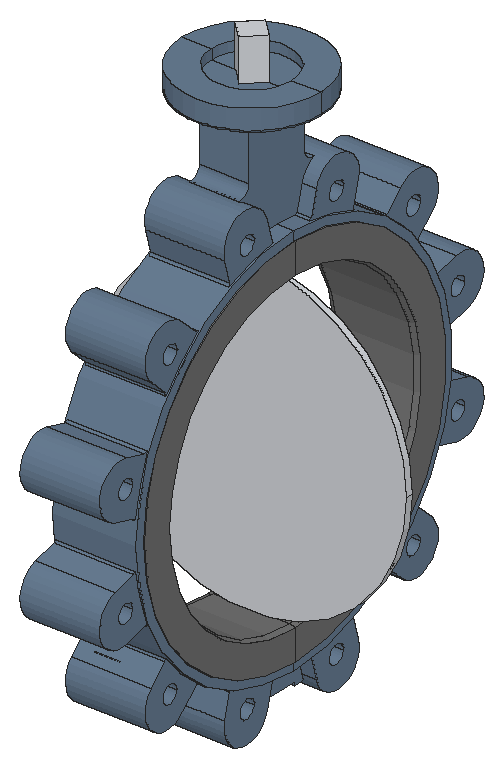
Revit family "Absperr- und Regulierklappe AF-4219", category Rohrzubehör, Revit 2018
Family settings
  Bemaßung runder Anschluss = Durchmesser verwenden
  Teiletyp = Unterbricht
  OmniClass-Nummer = 23.65.55.14
  OmniClass-Titel = Valves for Liquid Services
  Arbeitsebenenbasiert = Nein
  Immer vertikal = Ja
  Beim Laden mit Abzugskörper schneiden = Nein
  Gemeinsam genutzt = Nein
Parameters
  URL = "www.herz-armaturen.at"
  Spindel = "Edelstahl ASTM-A276 / Type 316"  # constant formula
  Schrauben [instance] = if(Nennweite = 50.000 mm, "4x M16x35", if(Nennweite = 65.000 mm, "4x M16x35", if(Nennweite = 80.000 mm, "8x M16x35", if(Nennweite = 100.000 mm, "8x M16x40", if(Nennweite = 125.000 mm, "8x M16x40", if(Nennweite = 150.000 mm, "8x M20x40", if(Nennweite = 200.000 mm, "12x M20x45", if(Nennweite = 250.000 mm, "12x M24x45", "12x M24x45"))))))))  # "12x M24x45"
  SCTWSEQ = "FW;SBT_TYP_FW=\"101\";2"
  SCTWCODE = "04;07;02"  # constant formula
  SCRNSEQ = "ARM;ARM_TYP=\"ALLF\";2"
  SCRNCODE = "05;13;02"  # constant formula
  R99 = 1.500 mm  # constant formula
  R02 [instance] = size_lookup("4219_AF_", "R2", 1.000 mm, Nennweite)  # 37.500 mm
  PN [instance] = size_lookup("4219_AF_", "PN", 16, Nennweite)  # 10
  O-Ring = "EPDM entsprechend ISO 1691"  # constant formula
  Min.Betriebstemperatur = "-20.00 °C bei entsprechender Wasser-Glycolmischung"  # constant formula
  Medium = "Ethylen- und Propyleneglykol kann in einem Mischungsverhältnis zwischen 25 - 50 vol. [%] verwendet werden."
  Max.Betriebstemperatur = 110 °C  # constant formula
  L05 [instance] = size_lookup("4219_AF_", "L5", 1.000 mm, Nennweite)  # 22.000 mm
  L04 [instance] = L01 - 3.500 mm  # 35.500 mm
  L03 [instance] = L01 + 1.500 mm  # 40.500 mm
  L02 [instance] = size_lookup("4219_AF_", "L2", 14.500 mm, Nennweite)  # 30.500 mm
  L01 [instance] = size_lookup("4219_AF_", "L1", 21.500 mm, Nennweite)  # 39.000 mm
  R01 [instance] = size_lookup("4219_AF_", "R1", 44.000 mm, Nennweite)  # 65.000 mm
  Nennweite [instance] = 300.000 mm
  Klappenscheibe = "Edelstahl 1.4408"  # constant formula
  Hersteller = "HERZ Armaturen Ges.m.b.H."  # constant formula
  Hebel DN50-150 = "Stahl, ST14.03"  # constant formula
  Hebel DN200-DN300 = "Stahl, S235 DIN2458/1626"  # constant formula
  H05 [instance] = size_lookup("4219_AF_", "H5", 1.000 mm, Nennweite) + H03  # 39.000 mm
  H04 [instance] = H01 - H03  # 299.000 mm
  H03 [instance] = size_lookup("4219_AF_", "H3", 1.000 mm, Nennweite)  # 9.000 mm
  H02 [instance] = size_lookup("4219_AF_", "H2", 13.000 mm, Nennweite)  # 20.000 mm
  H01 [instance] = size_lookup("4219_AF_", "H1", 125.000 mm, Nennweite)  # 308.000 mm
  Gewicht [instance] = size_lookup("4219_AF_", "Gewicht", 3.8, Nennweite)  # 37.6
  Gehäuseauskleidung = "EPDM entsprechend ISO 1691"  # constant formula
  Gehäuse = "GGG, GJS-400-15/JS1030, entsprechend EN1563"  # constant formula
  Drehmoment in NM [instance] = size_lookup("4219_AF_", "Nm", 20, Nennweite)  # 350
  DN80 [instance] = Nennweite = 80.000 mm  # no
  DN65 [instance] = Nennweite = 65.000 mm  # no
  DN50 [instance] = Nennweite = 50.000 mm  # no
  DN300 [instance] = Nennweite = 300.000 mm  # yes
  DN250 [instance] = Nennweite = 250.000 mm  # no
  DN200 [instance] = Nennweite = 200.000 mm  # no
  DN150 [instance] = Nennweite = 150.000 mm  # no
  DN125 [instance] = Nennweite = 125.000 mm  # no
  DN100 [instance] = Nennweite = 100.000 mm  # no
  D06 [instance] = size_lookup("4219_AF_", "D6", 25.300 mm, Nennweite)  # 146.500 mm
  D05 [instance] = size_lookup("4219_AF_", "D5", 24.500 mm, Nennweite)  # 145.000 mm
  D04 [instance] = D05 + 2.000 mm  # 147.000 mm
  D03 [instance] = size_lookup("4219_AF_", "D3", 35.500 mm, Nennweite)  # 167.500 mm
  D02 [instance] = size_lookup("4219_AF_", "D2", 41.000 mm, Nennweite)  # 175.000 mm
  D01 [instance] = size_lookup("4219_AF_", "D1", 47.000 mm, Nennweite)  # 183.000 mm
  Bestellnummer [instance] = size_lookup("4219_AF_", "Artnr", 421911, Nennweite)  # 1421939
  Anwendungsgebiet = "Geeignet für Flüssigkeiten in der Haustechnik, Kaltwasser, Heißwasser, etc."
  Anschlussflansch = "entsprechend EN1092-2"  # constant formula
Reference planes
  plane 1 "Mitte (Vorne/hinten)": y = 0
  plane 2: z = 0
  plane 3 "Mitte (Links/rechts)": x = 0
Forms (mm)
  Revolve 1, solid, material "Herz-Metall-blau", detail levels fine
    sketch origin (0, 0, 0) x (1, 0, 0) y (0, 0, 1)
      loop
        line (-30.5, 175) -> (-30.5, 167.5) -> (30.5, 167.5) -> (30.5, 175) -> (39, 175) -> (39, 183) -> (-39, 183) -> (-39, 175) -> (-30.5, 175)
      axis (-39, 0) -> (39, 0)
    angle from 0 to 360
  Revolve 2, solid, material "Herz-Metall-blau", detail levels fine
    sketch origin (0, 0, 0) x (1, 0, 0) y (0, 0, 1)
      loop
        line (-65, 308) -> (-65, 289.463)
        arc (-65, 289.463) -> (-64.673, 288.527) -> (-63.833, 288) r 1.5
        line (-63.833, 288) -> (0, 288) -> (0, 299) -> (-37.5, 299) -> (-37.5, 308) -> (-65, 308)
      axis (0, 308) -> (0, 288)
    angle from 0 to 360
  Extrusion 3, solid, material "Herz-Metall-blau", visible <- "DN50", detail levels fine
    sketch origin (0, 0, 0) x (0, 1, 0) y (0, 0, 1)
      loop
        line (56.215, -32.173) -> (43.95, -19.909)
        arc (43.95, -19.909) -> (43.387, -18.793) -> (43.596, -17.56) r 2
        arc (43.596, -17.56) -> (33.234, -33.234) -> (17.56, -43.596) r 47
        arc (17.56, -43.596) -> (18.793, -43.387) -> (19.909, -43.95) r 2
        line (19.909, -43.95) -> (32.173, -56.215)
        arc (32.173, -56.215) -> (56.215, -56.215) -> (56.215, -32.173) r 17
      loop
        arc (-56.215, -32.173) -> (-56.215, -56.215) -> (-32.173, -56.215) r 17
        line (-32.173, -56.215) -> (-19.909, -43.95)
        arc (-19.909, -43.95) -> (-18.793, -43.387) -> (-17.56, -43.596) r 2
        arc (-17.56, -43.596) -> (-33.234, -33.234) -> (-43.596, -17.56) r 47
        arc (-43.596, -17.56) -> (-43.387, -18.793) -> (-43.95, -19.909) r 2
        line (-43.95, -19.909) -> (-56.215, -32.173)
      loop
        arc (56.215, 32.173) -> (56.215, 56.215) -> (32.173, 56.215) r 17
        line (32.173, 56.215) -> (19.909, 43.95)
        arc (19.909, 43.95) -> (18.793, 43.387) -> (17.56, 43.596) r 2
        arc (17.56, 43.596) -> (33.234, 33.234) -> (43.596, 17.56) r 47
        arc (43.596, 17.56) -> (43.387, 18.793) -> (43.95, 19.909) r 2
        line (43.95, 19.909) -> (56.215, 32.173)
      loop
        line (-56.215, 32.173) -> (-43.95, 19.909)
        arc (-43.95, 19.909) -> (-43.387, 18.793) -> (-43.596, 17.56) r 2
        arc (-43.596, 17.56) -> (-33.234, 33.234) -> (-17.56, 43.596) r 47
        arc (-17.56, 43.596) -> (-18.793, 43.387) -> (-19.909, 43.95) r 2
        line (-19.909, 43.95) -> (-32.173, 56.215)
        arc (-32.173, 56.215) -> (-56.215, 56.215) -> (-56.215, 32.173) r 17
      loop
        circle (-44.194, 44.194) r 6.92
      loop
        circle (44.194, 44.194) r 6.92
      loop
        circle (44.194, -44.194) r 6.92
      loop
        circle (-44.194, -44.194) r 6.92
    from -19.5 to 19.5
  Extrusion 4, solid, material "Herz-Metall-blau", visible <- "DN50", detail levels fine
    sketch origin (0, 0, 0) x (0, 1, 0) y (0, 0, 1)
      loop
        line (20, 74.845) -> (20, 112) -> (-20, 112) -> (-20, 74.845)
        arc (-20, 74.845) -> (-26.046, 62.811) -> (-39.31, 60.477) r 15
        arc (-39.31, 60.477) -> (-35.477, 58.789) -> (-32.173, 56.215) r 17
        line (-32.173, 56.215) -> (-19.909, 43.95)
        arc (-19.909, 43.95) -> (-18.793, 43.387) -> (-17.56, 43.596) r 2
        arc (-17.56, 43.596) -> (0, 47) -> (17.56, 43.596) r 47
        arc (17.56, 43.596) -> (18.793, 43.387) -> (19.909, 43.95) r 2
        line (19.909, 43.95) -> (32.173, 56.215)
        arc (32.173, 56.215) -> (35.477, 58.789) -> (39.31, 60.477) r 17
        arc (39.31, 60.477) -> (26.046, 62.811) -> (20, 74.845) r 15
    from -15 to 15
  Extrusion 5, solid, material "Herz-Metall-blau", visible <- "DN50"
    sketch origin (0, 0, 0) x (0, 1, 0) y (0, 0, 1)
      loop
        arc (33.834, -58) -> (34.246, -58.062) -> (34.622, -58.243) r 1.4
        arc (34.622, -58.243) -> (33.35, -57.286) -> (32.173, -56.215) r 17
        line (32.173, -56.215) -> (19.909, -43.95)
        arc (19.909, -43.95) -> (18.793, -43.387) -> (17.56, -43.596) r 2
        arc (17.56, -43.596) -> (0, -47) -> (-17.56, -43.596) r 47
        arc (-17.56, -43.596) -> (-18.793, -43.387) -> (-19.909, -43.95) r 2
        line (-19.909, -43.95) -> (-32.173, -56.215)
        arc (-32.173, -56.215) -> (-33.35, -57.286) -> (-34.622, -58.243) r 17
        arc (-34.622, -58.243) -> (-34.246, -58.062) -> (-33.834, -58) r 1.4
        line (-33.834, -58) -> (-16.963, -58)
        arc (-16.963, -58) -> (-15.575, -58.575) -> (-15, -59.963) r 1.963
        line (-15, -59.963) -> (-15, -61) -> (15, -61) -> (15, -59.963)
        arc (15, -59.963) -> (15.575, -58.575) -> (16.963, -58) r 1.963
        line (16.963, -58) -> (33.834, -58)
    from -15 to 15
  Revolve 6, solid, material "Gummi", detail levels fine
    sketch origin (-134.5, 0, 0) x (1, 0, 0) y (0, 0, 1)
      loop
        line (94, 175) -> (94, 147) -> (99, 145) -> (170, 145) -> (175, 147) -> (175, 175) -> (165, 175) -> (165, 167.5) -> (104, 167.5) -> (104, 175) -> (94, 175)
      axis (94, 0) -> (175, 0)
    angle from 0 to 360
  Extrusion 7, solid, detail levels fine
    sketch origin (0, 0, 0) x (1, 0, 0) y (0, 0, 1)
      loop
        circle (0, 0) r 146.5
    from -2.5 to 2.5
  Extrusion 8, solid, material "Herz-Metall-blau", visible <- "DN65", detail levels fine
    sketch origin (0, -300, 0) x (0, 1, 0) y (0, 0, 1)
      loop
        circle (351.265, 51.265) r 6.92
      loop
        arc (363.286, 39.244) -> (363.286, 63.286) -> (339.244, 63.286) r 17
        line (339.244, 63.286) -> (328.595, 52.636)
        arc (328.595, 52.636) -> (327.499, 52.076) -> (326.282, 52.264) r 2
        arc (326.282, 52.264) -> (341.366, 41.366) -> (352.264, 26.282) r 58.501
        arc (352.264, 26.282) -> (352.087, 27.51) -> (352.656, 28.614) r 2.038
        line (352.656, 28.614) -> (363.286, 39.244)
      loop
        circle (351.265, -51.265) r 6.92
      loop
        line (363.286, -39.244) -> (352.656, -28.614)
        arc (352.656, -28.614) -> (352.087, -27.51) -> (352.264, -26.282) r 2.038
        arc (352.264, -26.282) -> (341.366, -41.366) -> (326.282, -52.264) r 58.501
        arc (326.282, -52.264) -> (327.499, -52.076) -> (328.595, -52.636) r 2
        line (328.595, -52.636) -> (339.244, -63.286)
        arc (339.244, -63.286) -> (363.286, -63.286) -> (363.286, -39.244) r 17
      loop
        circle (248.735, 51.265) r 6.92
      loop
        line (236.714, 39.244) -> (247.344, 28.614)
        arc (247.344, 28.614) -> (247.913, 27.51) -> (247.736, 26.282) r 2.038
        arc (247.736, 26.282) -> (258.634, 41.366) -> (273.718, 52.264) r 58.501
        arc (273.718, 52.264) -> (272.501, 52.076) -> (271.405, 52.636) r 2
        line (271.405, 52.636) -> (260.756, 63.286)
        arc (260.756, 63.286) -> (236.714, 63.286) -> (236.714, 39.244) r 17
      loop
        circle (248.735, -51.265) r 6.92
      loop
        arc (236.714, -39.244) -> (236.714, -63.286) -> (260.756, -63.286) r 17
        line (260.756, -63.286) -> (271.405, -52.636)
        arc (271.405, -52.636) -> (272.501, -52.076) -> (273.718, -52.264) r 2
        arc (273.718, -52.264) -> (258.634, -41.366) -> (247.736, -26.282) r 58.501
        arc (247.736, -26.282) -> (247.913, -27.51) -> (247.344, -28.614) r 2.038
        line (247.344, -28.614) -> (236.714, -39.244)
    from -21 to 21
  Extrusion 9, solid, material "Herz-Metall-blau", visible <- "DN65", detail levels fine
    sketch origin (0, -300, 0) x (0, 1, 0) y (0, 0, 1)
      loop
        line (278, 136.5) -> (278, 78.286)
        arc (278, 78.286) -> (272.889, 69.099) -> (263, 65.53) r 14.984
        line (263, 65.53) -> (257.982, 65.53)
        arc (257.982, 65.53) -> (259.428, 64.481) -> (260.756, 63.286) r 17
        line (260.756, 63.286) -> (271.405, 52.636)
        arc (271.405, 52.636) -> (272.501, 52.076) -> (273.718, 52.264) r 2
        arc (273.718, 52.264) -> (300, 58.5) -> (326.282, 52.264) r 58.5
        arc (326.282, 52.264) -> (327.499, 52.076) -> (328.595, 52.636) r 2
        line (328.595, 52.636) -> (339.244, 63.286)
        arc (339.244, 63.286) -> (340.572, 64.481) -> (342.018, 65.53) r 17
        line (342.018, 65.53) -> (337, 65.53)
        arc (337, 65.53) -> (327.111, 69.099) -> (322, 78.286) r 14.984
        line (322, 78.286) -> (322, 136.5) -> (278, 136.5)
      loop
        arc (260.756, -63.286) -> (259.428, -64.481) -> (257.982, -65.53) r 17
        line (257.982, -65.53) -> (280.029, -65.53)
        arc (280.029, -65.53) -> (281.423, -66.108) -> (282, -67.501) r 1.971
        line (282, -67.501) -> (282, -74) -> (318, -74) -> (318, -67.527)
        arc (318, -67.527) -> (318.585, -66.115) -> (319.997, -65.53) r 1.997
        line (319.997, -65.53) -> (342.018, -65.53)
        arc (342.018, -65.53) -> (340.572, -64.481) -> (339.244, -63.286) r 17
        line (339.244, -63.286) -> (328.595, -52.636)
        arc (328.595, -52.636) -> (327.499, -52.076) -> (326.282, -52.264) r 2
        arc (326.282, -52.264) -> (300, -58.5) -> (273.718, -52.264) r 58.5
        arc (273.718, -52.264) -> (272.501, -52.076) -> (271.405, -52.636) r 2
        line (271.405, -52.636) -> (260.756, -63.286)
    from -18 to 18
  Extrusion 10, solid, material "Herz-Metall-blau", visible <- "DN80", detail levels fine
    sketch origin (0, -300, 0) x (0, 1, 0) y (0, 0, 1)
      loop
        circle (269.385, 73.91) r 6.92
      loop
        arc (285.091, 80.416) -> (262.88, 89.616) -> (253.679, 67.405) r 17
        line (253.679, 67.405) -> (259.513, 53.322)
        arc (259.513, 53.322) -> (259.602, 52.073) -> (258.924, 51.02) r 1.982
        arc (258.924, 51.02) -> (274.934, 60.514) -> (292.968, 65.121) r 65.5
        arc (292.968, 65.121) -> (291.745, 65.388) -> (290.924, 66.335) r 1.984
        line (290.924, 66.335) -> (285.091, 80.416)
      loop
        circle (226.09, 30.615) r 6.92
      loop
        line (219.584, 14.909) -> (233.665, 9.076)
        arc (233.665, 9.076) -> (234.612, 8.255) -> (234.879, 7.032) r 1.984
        arc (234.879, 7.032) -> (239.486, 25.066) -> (248.98, 41.076) r 65.5
        arc (248.98, 41.076) -> (247.927, 40.398) -> (246.678, 40.487) r 1.982
        line (246.678, 40.487) -> (232.595, 46.321)
        arc (232.595, 46.321) -> (210.384, 37.12) -> (219.584, 14.909) r 17
      loop
        circle (269.385, -73.91) r 6.92
      loop
        line (285.091, -80.416) -> (290.924, -66.335)
        arc (290.924, -66.335) -> (291.745, -65.388) -> (292.968, -65.121) r 1.984
        arc (292.968, -65.121) -> (274.934, -60.514) -> (258.924, -51.02) r 65.5
        arc (258.924, -51.02) -> (259.602, -52.073) -> (259.513, -53.322) r 1.982
        line (259.513, -53.322) -> (253.679, -67.405)
        arc (253.679, -67.405) -> (262.88, -89.616) -> (285.091, -80.416) r 17
      loop
        circle (226.09, -30.615) r 6.92
      loop
        arc (219.584, -14.909) -> (210.384, -37.12) -> (232.595, -46.321) r 17
        line (232.595, -46.321) -> (246.678, -40.487)
        arc (246.678, -40.487) -> (247.927, -40.398) -> (248.98, -41.076) r 1.982
        arc (248.98, -41.076) -> (239.486, -25.066) -> (234.879, -7.032) r 65.5
        arc (234.879, -7.032) -> (234.612, -8.255) -> (233.665, -9.076) r 1.984
        line (233.665, -9.076) -> (219.584, -14.909)
      loop
        circle (330.615, 73.91) r 6.92
      loop
        line (314.909, 80.416) -> (309.076, 66.335)
        arc (309.076, 66.335) -> (308.255, 65.388) -> (307.032, 65.121) r 1.984
        arc (307.032, 65.121) -> (325.066, 60.514) -> (341.076, 51.02) r 65.5
        arc (341.076, 51.02) -> (340.398, 52.073) -> (340.487, 53.322) r 1.982
        line (340.487, 53.322) -> (346.321, 67.405)
        arc (346.321, 67.405) -> (337.12, 89.616) -> (314.909, 80.416) r 17
      loop
        circle (373.91, 30.615) r 6.92
      loop
        arc (380.416, 14.909) -> (389.616, 37.12) -> (367.405, 46.321) r 17
        line (367.405, 46.321) -> (353.322, 40.487)
        arc (353.322, 40.487) -> (352.073, 40.398) -> (351.02, 41.076) r 1.982
        arc (351.02, 41.076) -> (360.514, 25.066) -> (365.121, 7.032) r 65.5
        arc (365.121, 7.032) -> (365.388, 8.255) -> (366.335, 9.076) r 1.984
        line (366.335, 9.076) -> (380.416, 14.909)
      loop
        circle (330.615, -73.91) r 6.92
      loop
        arc (314.909, -80.416) -> (337.12, -89.616) -> (346.321, -67.405) r 17
        line (346.321, -67.405) -> (340.487, -53.322)
        arc (340.487, -53.322) -> (340.398, -52.073) -> (341.076, -51.02) r 1.982
        arc (341.076, -51.02) -> (325.066, -60.514) -> (307.032, -65.121) r 65.5
        arc (307.032, -65.121) -> (308.255, -65.388) -> (309.076, -66.335) r 1.984
        line (309.076, -66.335) -> (314.909, -80.416)
      loop
        circle (373.91, -30.615) r 6.92
      loop
        line (380.416, -14.909) -> (366.335, -9.076)
        arc (366.335, -9.076) -> (365.388, -8.255) -> (365.121, -7.032) r 1.984
        arc (365.121, -7.032) -> (360.514, -25.066) -> (351.02, -41.076) r 65.5
        arc (351.02, -41.076) -> (352.073, -40.398) -> (353.322, -40.487) r 1.982
        line (353.322, -40.487) -> (367.405, -46.321)
        arc (367.405, -46.321) -> (389.616, -37.12) -> (380.416, -14.909) r 17
    from -21 to 21
  Extrusion 11, solid, material "Herz-Metall-blau", visible <- "DN80", detail levels fine
    sketch origin (0, -300, 0) x (0, 1, 0) y (0, 0, 1)
      loop
        line (278, 143.5) -> (278, 100.814)
        arc (278, 100.814) -> (275.545, 94.251) -> (269.385, 90.91) r 10
        arc (269.385, 90.91) -> (278.83, 88.045) -> (285.091, 80.416) r 17
        line (285.091, 80.416) -> (290.924, 66.335)
        arc (290.924, 66.335) -> (291.744, 65.388) -> (292.968, 65.121) r 1.984
        arc (292.968, 65.121) -> (300, 65.497) -> (307.032, 65.121) r 66.05
        arc (307.032, 65.121) -> (308.256, 65.388) -> (309.076, 66.335) r 1.984
        line (309.076, 66.335) -> (314.909, 80.416)
        arc (314.909, 80.416) -> (321.17, 88.045) -> (330.615, 90.91) r 17
        arc (330.615, 90.91) -> (324.455, 94.251) -> (322, 100.814) r 10
        line (322, 100.814) -> (322, 143.5) -> (278, 143.5)
      loop
        line (285.091, -80.416) -> (286.5, -80.946) -> (313.5, -80.946) -> (314.89, -80.371) -> (309.076, -66.335)
        arc (309.076, -66.335) -> (308.256, -65.388) -> (307.032, -65.121) r 1.984
        arc (307.032, -65.121) -> (300, -65.497) -> (292.968, -65.121) r 66.05
        arc (292.968, -65.121) -> (291.744, -65.388) -> (290.924, -66.335) r 1.984
        line (290.924, -66.335) -> (285.091, -80.416)
    from -18.5 to 18.5
  Extrusion 12, solid, material "Herz-Metall-blau", visible <- "DN100", detail levels fine
    sketch origin (0, -300, 0) x (0, 1, 0) y (0, 0, 1)
      loop
        circle (265.558, 83.149) r 6.92
      loop
        arc (281.264, 89.655) -> (259.053, 98.855) -> (249.853, 76.644) r 17
        line (249.853, 76.644) -> (255.731, 62.451)
        arc (255.731, 62.451) -> (255.813, 61.14) -> (255.074, 60.055) r 2.025
        arc (255.074, 60.055) -> (271.3, 69.291) -> (289.305, 74.233) r 75
        arc (289.305, 74.233) -> (288.012, 74.478) -> (287.142, 75.464) r 2.027
        line (287.142, 75.464) -> (281.264, 89.655)
      loop
        circle (216.851, 34.442) r 6.92
      loop
        line (210.345, 18.736) -> (224.536, 12.858)
        arc (224.536, 12.858) -> (225.522, 11.988) -> (225.767, 10.695) r 2.027
        arc (225.767, 10.695) -> (230.709, 28.7) -> (239.945, 44.926) r 75
        arc (239.945, 44.926) -> (238.86, 44.187) -> (237.549, 44.269) r 2.025
        line (237.549, 44.269) -> (223.356, 50.147)
        arc (223.356, 50.147) -> (201.145, 40.947) -> (210.345, 18.736) r 17
      loop
        circle (265.558, -83.149) r 6.92
      loop
        line (281.264, -89.655) -> (287.142, -75.464)
        arc (287.142, -75.464) -> (288.012, -74.478) -> (289.305, -74.233) r 2.027
        arc (289.305, -74.233) -> (271.3, -69.291) -> (255.074, -60.055) r 75
        arc (255.074, -60.055) -> (255.813, -61.14) -> (255.731, -62.451) r 2.025
        line (255.731, -62.451) -> (249.853, -76.644)
        arc (249.853, -76.644) -> (259.053, -98.855) -> (281.264, -89.655) r 17
      loop
        circle (216.851, -34.442) r 6.92
      loop
        arc (210.345, -18.736) -> (201.145, -40.947) -> (223.356, -50.147) r 17
        line (223.356, -50.147) -> (237.549, -44.269)
        arc (237.549, -44.269) -> (238.86, -44.187) -> (239.945, -44.926) r 2.025
        arc (239.945, -44.926) -> (230.709, -28.7) -> (225.767, -10.695) r 75
        arc (225.767, -10.695) -> (225.522, -11.988) -> (224.536, -12.858) r 2.027
        line (224.536, -12.858) -> (210.345, -18.736)
      loop
        circle (334.442, 83.149) r 6.92
      loop
        line (318.736, 89.655) -> (312.858, 75.464)
        arc (312.858, 75.464) -> (311.988, 74.478) -> (310.695, 74.233) r 2.027
        arc (310.695, 74.233) -> (328.7, 69.291) -> (344.926, 60.055) r 75
        arc (344.926, 60.055) -> (344.187, 61.14) -> (344.269, 62.451) r 2.025
        line (344.269, 62.451) -> (350.147, 76.644)
        arc (350.147, 76.644) -> (340.947, 98.855) -> (318.736, 89.655) r 17
      loop
        circle (383.149, 34.442) r 6.92
      loop
        arc (389.655, 18.736) -> (398.855, 40.947) -> (376.644, 50.147) r 17
        line (376.644, 50.147) -> (362.451, 44.269)
        arc (362.451, 44.269) -> (361.14, 44.187) -> (360.055, 44.926) r 2.025
        arc (360.055, 44.926) -> (369.291, 28.7) -> (374.233, 10.695) r 75
        arc (374.233, 10.695) -> (374.478, 11.988) -> (375.464, 12.858) r 2.027
        line (375.464, 12.858) -> (389.655, 18.736)
      loop
        circle (334.442, -83.149) r 6.92
      loop
        arc (318.736, -89.655) -> (340.947, -98.855) -> (350.147, -76.644) r 17
        line (350.147, -76.644) -> (344.269, -62.451)
        arc (344.269, -62.451) -> (344.187, -61.14) -> (344.926, -60.055) r 2.025
        arc (344.926, -60.055) -> (328.7, -69.291) -> (310.695, -74.233) r 75
        arc (310.695, -74.233) -> (311.988, -74.478) -> (312.858, -75.464) r 2.027
        line (312.858, -75.464) -> (318.736, -89.655)
      loop
        circle (383.149, -34.442) r 6.92
      loop
        line (389.655, -18.736) -> (375.464, -12.858)
        arc (375.464, -12.858) -> (374.478, -11.988) -> (374.233, -10.695) r 2.027
        arc (374.233, -10.695) -> (369.291, -28.7) -> (360.055, -44.926) r 75
        arc (360.055, -44.926) -> (361.14, -44.187) -> (362.451, -44.269) r 2.025
        line (362.451, -44.269) -> (376.644, -50.147)
        arc (376.644, -50.147) -> (398.855, -40.947) -> (389.655, -18.736) r 17
    from -24 to 24
  Extrusion 13, solid, material "Herz-Metall-blau", visible <- "DN100", detail levels fine
    sketch origin (0, -300, 0) x (0, 1, 0) y (0, 0, 1)
      loop
        line (274, 167) -> (274, 114.47)
        arc (274, 114.47) -> (270.644, 105.014) -> (262.078, 99.789) r 15
        arc (262.078, 99.789) -> (273.498, 98.181) -> (281.264, 89.655) r 17
        line (281.264, 89.655) -> (287.142, 75.464)
        arc (287.142, 75.464) -> (288.012, 74.478) -> (289.305, 74.233) r 2.027
        arc (289.305, 74.233) -> (300, 75) -> (310.695, 74.233) r 75
        arc (310.695, 74.233) -> (311.988, 74.478) -> (312.858, 75.464) r 2.027
        line (312.858, 75.464) -> (318.736, 89.655)
        arc (318.736, 89.655) -> (326.502, 98.181) -> (337.922, 99.789) r 17
        arc (337.922, 99.789) -> (329.356, 105.014) -> (326, 114.47) r 15
        line (326, 114.47) -> (326, 167) -> (274, 167)
      loop
        line (286.5, -93) -> (313.5, -93) -> (313.5, -96) -> (323.312, -96)
        arc (323.312, -96) -> (320.654, -93.094) -> (318.736, -89.655) r 17
        line (318.736, -89.655) -> (312.858, -75.464)
        arc (312.858, -75.464) -> (311.988, -74.478) -> (310.695, -74.233) r 2.027
        arc (310.695, -74.233) -> (300, -75) -> (289.305, -74.233) r 75
        arc (289.305, -74.233) -> (288.012, -74.478) -> (287.142, -75.464) r 2.027
        line (287.142, -75.464) -> (281.264, -89.655)
        arc (281.264, -89.655) -> (279.346, -93.094) -> (276.688, -96) r 17
        line (276.688, -96) -> (286.5, -96) -> (286.5, -93)
    from -18 to 18
  Extrusion 14, solid, material "Herz-Metall-blau", visible <- "DN125", detail levels fine
    sketch origin (0, -300, 0) x (0, 1, 0) y (0, 0, 1)
      loop
        circle (259.818, 97.007) r 6.92
      loop
        arc (275.524, 103.513) -> (253.313, 112.713) -> (244.112, 90.502) r 17
        line (244.112, 90.502) -> (249.217, 78.179)
        arc (249.217, 78.179) -> (249.286, 76.825) -> (248.485, 75.731) r 2.023
        arc (248.485, 75.731) -> (264.902, 84.594) -> (282.772, 89.957) r 91.852
        arc (282.772, 89.957) -> (281.505, 90.18) -> (280.649, 91.141) r 1.958
        line (280.649, 91.141) -> (275.524, 103.513)
      loop
        circle (202.993, 40.182) r 6.92
      loop
        line (196.487, 24.476) -> (208.859, 19.351)
        arc (208.859, 19.351) -> (209.82, 18.495) -> (210.043, 17.228) r 1.958
        arc (210.043, 17.228) -> (215.406, 35.098) -> (224.269, 51.515) r 91.852
        arc (224.269, 51.515) -> (223.175, 50.714) -> (221.821, 50.783) r 2.023
        line (221.821, 50.783) -> (209.498, 55.888)
        arc (209.498, 55.888) -> (187.287, 46.687) -> (196.487, 24.476) r 17
      loop
        circle (259.818, -97.007) r 6.92
      loop
        line (275.524, -103.513) -> (280.649, -91.141)
        arc (280.649, -91.141) -> (281.505, -90.18) -> (282.772, -89.957) r 1.958
        arc (282.772, -89.957) -> (264.902, -84.594) -> (248.485, -75.731) r 91.852
        arc (248.485, -75.731) -> (249.286, -76.825) -> (249.217, -78.179) r 2.023
        line (249.217, -78.179) -> (244.112, -90.502)
        arc (244.112, -90.502) -> (253.313, -112.713) -> (275.524, -103.513) r 17
      loop
        circle (202.993, -40.182) r 6.92
      loop
        arc (196.487, -24.476) -> (187.287, -46.687) -> (209.498, -55.888) r 17
        line (209.498, -55.888) -> (221.821, -50.783)
        arc (221.821, -50.783) -> (223.175, -50.714) -> (224.269, -51.515) r 2.023
        arc (224.269, -51.515) -> (215.406, -35.098) -> (210.043, -17.228) r 91.852
        arc (210.043, -17.228) -> (209.82, -18.495) -> (208.859, -19.351) r 1.958
        line (208.859, -19.351) -> (196.487, -24.476)
      loop
        circle (340.182, 97.007) r 6.92
      loop
        line (324.476, 103.513) -> (319.351, 91.141)
        arc (319.351, 91.141) -> (318.495, 90.18) -> (317.228, 89.957) r 1.958
        arc (317.228, 89.957) -> (335.098, 84.594) -> (351.515, 75.731) r 91.852
        arc (351.515, 75.731) -> (350.714, 76.825) -> (350.783, 78.179) r 2.023
        line (350.783, 78.179) -> (355.888, 90.502)
        arc (355.888, 90.502) -> (346.687, 112.713) -> (324.476, 103.513) r 17
      loop
        circle (397.007, 40.182) r 6.92
      loop
        arc (403.513, 24.476) -> (412.713, 46.687) -> (390.502, 55.888) r 17
        line (390.502, 55.888) -> (378.179, 50.783)
        arc (378.179, 50.783) -> (376.825, 50.714) -> (375.731, 51.515) r 2.023
        arc (375.731, 51.515) -> (384.594, 35.098) -> (389.957, 17.228) r 91.852
        arc (389.957, 17.228) -> (390.18, 18.495) -> (391.141, 19.351) r 1.958
        line (391.141, 19.351) -> (403.513, 24.476)
      loop
        circle (340.182, -97.007) r 6.92
      loop
        arc (324.476, -103.513) -> (346.687, -112.713) -> (355.888, -90.502) r 17
        line (355.888, -90.502) -> (350.783, -78.179)
        arc (350.783, -78.179) -> (350.714, -76.825) -> (351.515, -75.731) r 2.023
        arc (351.515, -75.731) -> (335.098, -84.594) -> (317.228, -89.957) r 91.852
        arc (317.228, -89.957) -> (318.495, -90.18) -> (319.351, -91.141) r 1.958
        line (319.351, -91.141) -> (324.476, -103.513)
      loop
        circle (397.007, -40.182) r 6.92
      loop
        line (403.513, -24.476) -> (391.141, -19.351)
        arc (391.141, -19.351) -> (390.18, -18.495) -> (389.957, -17.228) r 1.958
        arc (389.957, -17.228) -> (384.594, -35.098) -> (375.731, -51.515) r 91.852
        arc (375.731, -51.515) -> (376.825, -50.714) -> (378.179, -50.783) r 2.023
        line (378.179, -50.783) -> (390.502, -55.888)
        arc (390.502, -55.888) -> (412.713, -46.687) -> (403.513, -24.476) r 17
    from -26 to 26
  Extrusion 15, solid, material "Herz-Metall-blau", visible <- "DN125", detail levels fine
    sketch origin (0, -300, 0) x (0, 1, 0) y (0, 0, 1)
      loop
        line (273.999, 186) -> (273.95, 123.689)
        arc (273.95, 123.689) -> (270.458, 116.096) -> (262.42, 113.807) r 10
        arc (262.42, 113.807) -> (270.32, 110.376) -> (275.524, 103.513) r 17
        line (275.524, 103.513) -> (280.649, 91.141)
        arc (280.649, 91.141) -> (281.528, 90.167) -> (282.825, 89.967) r 1.958
        arc (282.825, 89.967) -> (299.999, 91.589) -> (317.173, 89.967) r 91.7
        arc (317.173, 89.967) -> (318.469, 90.167) -> (319.348, 91.141) r 1.958
        line (319.348, 91.141) -> (324.473, 103.513)
        arc (324.473, 103.513) -> (329.677, 110.376) -> (337.577, 113.807) r 17
        arc (337.577, 113.807) -> (329.539, 116.096) -> (325.999, 123.689) r 10
        line (325.999, 123.689) -> (325.999, 186) -> (273.999, 186)
      loop
        line (286.499, -110.51) -> (313.499, -110.51) -> (313.499, -113.51) -> (336.099, -113.51)
        arc (336.099, -113.51) -> (329.095, -109.897) -> (324.473, -103.513) r 17
        line (324.473, -103.513) -> (319.348, -91.141)
        arc (319.348, -91.141) -> (318.469, -90.167) -> (317.173, -89.967) r 1.958
        arc (317.173, -89.967) -> (299.999, -91.589) -> (282.825, -89.967) r 91.7
        arc (282.825, -89.967) -> (281.528, -90.167) -> (280.649, -91.141) r 1.958
        line (280.649, -91.141) -> (275.524, -103.513)
        arc (275.524, -103.513) -> (270.902, -109.897) -> (263.898, -113.51) r 17
        line (263.898, -113.51) -> (286.499, -113.51) -> (286.499, -110.51)
    from -18 to 18
  Extrusion 16, solid, material "Herz-Metall-blau", visible <- "DN150", detail levels fine
    sketch origin (0, -300, 0) x (0, 1, 0) y (0, 0, 1)
      loop
        circle (254.078, 110.866) r 8.645
      loop
        arc (273.479, 118.902) -> (246.042, 130.267) -> (234.677, 102.829) r 21
        line (234.677, 102.829) -> (241.591, 86.136)
        arc (241.591, 86.136) -> (241.664, 84.82) -> (240.899, 83.746) r 1.993
        arc (240.899, 83.746) -> (260.776, 94.698) -> (282.575, 101.008) r 102.504
        arc (282.575, 101.008) -> (281.263, 101.248) -> (280.379, 102.246) r 2.042
        line (280.379, 102.246) -> (273.479, 118.902)
      loop
        circle (189.134, 45.922) r 8.645
      loop
        line (181.098, 26.521) -> (197.754, 19.621)
        arc (197.754, 19.621) -> (198.752, 18.737) -> (198.992, 17.425) r 2.042
        arc (198.992, 17.425) -> (205.302, 39.224) -> (216.254, 59.101) r 102.504
        arc (216.254, 59.101) -> (215.18, 58.336) -> (213.864, 58.409) r 1.993
        line (213.864, 58.409) -> (197.171, 65.323)
        arc (197.171, 65.323) -> (169.733, 53.958) -> (181.098, 26.521) r 21
      loop
        circle (254.078, -110.866) r 8.645
      loop
        line (273.479, -118.902) -> (280.379, -102.246)
        arc (280.379, -102.246) -> (281.263, -101.248) -> (282.575, -101.008) r 2.042
        arc (282.575, -101.008) -> (260.776, -94.698) -> (240.899, -83.746) r 102.504
        arc (240.899, -83.746) -> (241.664, -84.82) -> (241.591, -86.136) r 1.993
        line (241.591, -86.136) -> (234.677, -102.829)
        arc (234.677, -102.829) -> (246.042, -130.267) -> (273.479, -118.902) r 21
      loop
        circle (189.134, -45.922) r 8.645
      loop
        arc (181.098, -26.521) -> (169.733, -53.958) -> (197.171, -65.323) r 21
        line (197.171, -65.323) -> (213.864, -58.409)
        arc (213.864, -58.409) -> (215.18, -58.336) -> (216.254, -59.101) r 1.993
        arc (216.254, -59.101) -> (205.302, -39.224) -> (198.992, -17.425) r 102.504
        arc (198.992, -17.425) -> (198.752, -18.737) -> (197.754, -19.621) r 2.042
        line (197.754, -19.621) -> (181.098, -26.521)
      loop
        circle (345.922, 110.866) r 8.645
      loop
        line (326.521, 118.902) -> (319.621, 102.246)
        arc (319.621, 102.246) -> (318.737, 101.248) -> (317.425, 101.008) r 2.042
        arc (317.425, 101.008) -> (339.224, 94.698) -> (359.101, 83.746) r 102.504
        arc (359.101, 83.746) -> (358.336, 84.82) -> (358.409, 86.136) r 1.993
        line (358.409, 86.136) -> (365.323, 102.829)
        arc (365.323, 102.829) -> (353.958, 130.267) -> (326.521, 118.902) r 21
      loop
        circle (410.866, 45.922) r 8.645
      loop
        arc (418.902, 26.521) -> (430.267, 53.958) -> (402.829, 65.323) r 21
        line (402.829, 65.323) -> (386.136, 58.409)
        arc (386.136, 58.409) -> (384.82, 58.336) -> (383.746, 59.101) r 1.993
        arc (383.746, 59.101) -> (394.698, 39.224) -> (401.008, 17.425) r 102.504
        arc (401.008, 17.425) -> (401.248, 18.737) -> (402.246, 19.621) r 2.042
        line (402.246, 19.621) -> (418.902, 26.521)
      loop
        circle (345.922, -110.866) r 8.645
      loop
        arc (326.521, -118.902) -> (353.958, -130.267) -> (365.323, -102.829) r 21
        line (365.323, -102.829) -> (358.409, -86.136)
        arc (358.409, -86.136) -> (358.336, -84.82) -> (359.101, -83.746) r 1.993
        arc (359.101, -83.746) -> (339.224, -94.698) -> (317.425, -101.008) r 102.504
        arc (317.425, -101.008) -> (318.737, -101.248) -> (319.621, -102.246) r 2.042
        line (319.621, -102.246) -> (326.521, -118.902)
      loop
        circle (410.866, -45.922) r 8.645
      loop
        line (418.902, -26.521) -> (402.246, -19.621)
        arc (402.246, -19.621) -> (401.248, -18.737) -> (401.008, -17.425) r 2.042
        arc (401.008, -17.425) -> (394.698, -39.224) -> (383.746, -59.101) r 102.504
        arc (383.746, -59.101) -> (384.82, -58.336) -> (386.136, -58.409) r 1.993
        line (386.136, -58.409) -> (402.829, -65.323)
        arc (402.829, -65.323) -> (430.267, -53.958) -> (418.902, -26.521) r 21
    from -26 to 26
  Extrusion 17, solid, material "Herz-Metall-blau", visible <- "DN150", detail levels fine
    sketch origin (0, -300, 0) x (0, 1, 0) y (0, 0, 1)
      loop
        line (274, 199) -> (274, 135)
        arc (274, 135) -> (272.527, 129.776) -> (268.541, 126.091) r 10
        arc (268.541, 126.091) -> (271.388, 122.755) -> (273.479, 118.902) r 21
        line (273.479, 118.902) -> (280.379, 102.246)
        arc (280.379, 102.246) -> (281.28, 101.239) -> (282.612, 101.014) r 2.042
        arc (282.612, 101.014) -> (300, 102.5) -> (317.388, 101.014) r 102.5
        arc (317.388, 101.014) -> (318.72, 101.239) -> (319.621, 102.246) r 2.042
        line (319.621, 102.246) -> (326.521, 118.902)
        arc (326.521, 118.902) -> (328.612, 122.755) -> (331.459, 126.091) r 21
        arc (331.459, 126.091) -> (327.473, 129.776) -> (326, 135) r 10
        line (326, 135) -> (326, 199) -> (274, 199)
      loop
        line (286.5, -122.5) -> (313.5, -122.5) -> (313.5, -125.5) -> (330.861, -125.5)
        arc (330.861, -125.5) -> (328.378, -122.407) -> (326.521, -118.902) r 21
        line (326.521, -118.902) -> (319.621, -102.246)
        arc (319.621, -102.246) -> (318.72, -101.239) -> (317.388, -101.014) r 2.042
        arc (317.388, -101.014) -> (300, -102.5) -> (282.612, -101.014) r 102.5
        arc (282.612, -101.014) -> (281.28, -101.239) -> (280.379, -102.246) r 2.042
        line (280.379, -102.246) -> (273.479, -118.902)
        arc (273.479, -118.902) -> (271.622, -122.407) -> (269.139, -125.5) r 21
        line (269.139, -125.5) -> (286.5, -125.5) -> (286.5, -122.5)
    from -18 to 18
  Extrusion 18, solid, material "Herz-Metall-blau", visible <- "DN200", detail levels fine
    sketch origin (0, -400, 0) x (0, 1, 0) y (0, 0, 1)
      loop
        circle (361.824, 142.474) r 8.645
      loop
        arc (382.109, 147.909) -> (356.389, 162.759) -> (341.54, 137.039) r 21
        line (341.54, 137.039) -> (345.801, 121.136)
        arc (345.801, 121.136) -> (345.679, 119.74) -> (344.688, 118.75) r 2.048
        arc (344.688, 118.75) -> (366.062, 126.527) -> (388.459, 130.491) r 131
        arc (388.459, 130.491) -> (387.159, 130.838) -> (386.388, 131.939) r 1.965
        line (386.388, 131.939) -> (382.109, 147.909)
      loop
        circle (257.526, 38.176) r 8.645
      loop
        line (252.091, 17.891) -> (268.061, 13.612)
        arc (268.061, 13.612) -> (269.162, 12.841) -> (269.509, 11.541) r 1.965
        arc (269.509, 11.541) -> (273.473, 33.938) -> (281.25, 55.312) r 131
        arc (281.25, 55.312) -> (280.26, 54.321) -> (278.864, 54.199) r 2.048
        line (278.864, 54.199) -> (262.961, 58.46)
        arc (262.961, 58.46) -> (237.241, 43.611) -> (252.091, 17.891) r 21
      loop
        circle (295.702, 104.298) r 8.645
      loop
        line (280.853, 89.449) -> (292.543, 77.758)
        arc (292.543, 77.758) -> (293.111, 76.539) -> (292.762, 75.24) r 1.965
        arc (292.762, 75.24) -> (307.393, 92.655) -> (324.816, 107.277) r 131
        arc (324.816, 107.277) -> (323.463, 106.914) -> (322.193, 107.506) r 2.048
        line (322.193, 107.506) -> (310.551, 119.147)
        arc (310.551, 119.147) -> (280.853, 119.147) -> (280.853, 89.449) r 21
      loop
        circle (361.824, -142.474) r 8.645
      loop
        line (382.109, -147.909) -> (386.388, -131.939)
        arc (386.388, -131.939) -> (387.159, -130.838) -> (388.459, -130.491) r 1.965
        arc (388.459, -130.491) -> (366.062, -126.527) -> (344.688, -118.75) r 131
        arc (344.688, -118.75) -> (345.679, -119.74) -> (345.801, -121.136) r 2.048
        line (345.801, -121.136) -> (341.54, -137.039)
        arc (341.54, -137.039) -> (356.389, -162.759) -> (382.109, -147.909) r 21
      loop
        circle (257.526, -38.176) r 8.645
      loop
        arc (252.091, -17.891) -> (237.241, -43.611) -> (262.961, -58.46) r 21
        line (262.961, -58.46) -> (278.864, -54.199)
        arc (278.864, -54.199) -> (280.26, -54.321) -> (281.25, -55.312) r 2.048
        arc (281.25, -55.312) -> (273.473, -33.938) -> (269.509, -11.541) r 131
        arc (269.509, -11.541) -> (269.162, -12.841) -> (268.061, -13.612) r 1.965
        line (268.061, -13.612) -> (252.091, -17.891)
      loop
        circle (295.702, -104.298) r 8.645
      loop
        arc (280.853, -89.449) -> (280.853, -119.147) -> (310.551, -119.147) r 21
        line (310.551, -119.147) -> (322.193, -107.506)
        arc (322.193, -107.506) -> (323.463, -106.914) -> (324.816, -107.277) r 2.048
        arc (324.816, -107.277) -> (307.393, -92.655) -> (292.762, -75.24) r 131
        arc (292.762, -75.24) -> (293.111, -76.539) -> (292.543, -77.758) r 1.965
        line (292.543, -77.758) -> (280.853, -89.449)
      loop
        circle (438.176, 142.474) r 8.645
      loop
        line (417.891, 147.909) -> (413.612, 131.939)
        arc (413.612, 131.939) -> (412.841, 130.838) -> (411.541, 130.491) r 1.965
        arc (411.541, 130.491) -> (433.938, 126.527) -> (455.312, 118.75) r 131
        arc (455.312, 118.75) -> (454.321, 119.74) -> (454.199, 121.136) r 2.048
        line (454.199, 121.136) -> (458.46, 137.039)
        arc (458.46, 137.039) -> (443.611, 162.759) -> (417.891, 147.909) r 21
      loop
        circle (542.474, 38.176) r 8.645
      loop
        arc (547.909, 17.891) -> (562.759, 43.611) -> (537.039, 58.46) r 21
        line (537.039, 58.46) -> (521.136, 54.199)
        arc (521.136, 54.199) -> (519.74, 54.321) -> (518.75, 55.312) r 2.048
        arc (518.75, 55.312) -> (526.527, 33.938) -> (530.491, 11.541) r 131
        arc (530.491, 11.541) -> (530.838, 12.841) -> (531.939, 13.612) r 1.965
        line (531.939, 13.612) -> (547.909, 17.891)
      loop
        circle (504.298, 104.298) r 8.645
      loop
        arc (519.147, 89.449) -> (519.147, 119.147) -> (489.449, 119.147) r 21
        line (489.449, 119.147) -> (477.807, 107.506)
        arc (477.807, 107.506) -> (476.537, 106.914) -> (475.184, 107.277) r 2.048
        arc (475.184, 107.277) -> (492.607, 92.655) -> (507.238, 75.24) r 131
        arc (507.238, 75.24) -> (506.889, 76.539) -> (507.457, 77.758) r 1.965
        line (507.457, 77.758) -> (519.147, 89.449)
      loop
        circle (438.176, -142.474) r 8.645
      loop
        arc (417.891, -147.909) -> (443.611, -162.759) -> (458.46, -137.039) r 21
        line (458.46, -137.039) -> (454.199, -121.136)
        arc (454.199, -121.136) -> (454.321, -119.74) -> (455.312, -118.75) r 2.048
        arc (455.312, -118.75) -> (433.938, -126.527) -> (411.541, -130.491) r 131
        arc (411.541, -130.491) -> (412.841, -130.838) -> (413.612, -131.939) r 1.965
        line (413.612, -131.939) -> (417.891, -147.909)
      loop
        circle (542.474, -38.176) r 8.645
      loop
        line (547.909, -17.891) -> (531.939, -13.612)
        arc (531.939, -13.612) -> (530.838, -12.841) -> (530.491, -11.541) r 1.965
        arc (530.491, -11.541) -> (526.527, -33.938) -> (518.75, -55.312) r 131
        arc (518.75, -55.312) -> (519.74, -54.321) -> (521.136, -54.199) r 2.048
        line (521.136, -54.199) -> (537.039, -58.46)
        arc (537.039, -58.46) -> (562.759, -43.611) -> (547.909, -17.891) r 21
      loop
        circle (504.298, -104.298) r 8.645
      loop
        line (519.147, -89.449) -> (507.457, -77.758)
        arc (507.457, -77.758) -> (506.889, -76.539) -> (507.238, -75.24) r 1.965
        arc (507.238, -75.24) -> (492.607, -92.655) -> (475.184, -107.277) r 131
        arc (475.184, -107.277) -> (476.537, -106.914) -> (477.807, -107.506) r 2.048
        line (477.807, -107.506) -> (489.449, -119.147)
        arc (489.449, -119.147) -> (519.147, -119.147) -> (519.147, -89.449) r 21
    from -28 to 28
  Extrusion 19, solid, material "Herz-Metall-blau", visible <- "DN200", detail levels fine
    sketch origin (0, -400, 0) x (0, 1, 0) y (0, 0, 1)
      loop
        arc (411.541, 130.491) -> (412.841, 130.838) -> (413.612, 131.939) r 1.965
        line (413.612, 131.939) -> (417.891, 147.909)
        arc (417.891, 147.909) -> (422.597, 156.556) -> (430.727, 162.108) r 21
        arc (430.727, 162.108) -> (428.869, 162.334) -> (428, 163.99) r 2.013
        line (428, 163.99) -> (428, 230) -> (372, 230) -> (372, 163.99)
        arc (372, 163.99) -> (371.131, 162.334) -> (369.273, 162.108) r 2.013
        arc (369.273, 162.108) -> (377.403, 156.556) -> (382.109, 147.909) r 21
        line (382.109, 147.909) -> (386.388, 131.939)
        arc (386.388, 131.939) -> (387.159, 130.838) -> (388.459, 130.491) r 1.965
        arc (388.459, 130.491) -> (400, 131) -> (411.541, 130.491) r 131
      loop
        arc (411.541, -130.491) -> (400, -131) -> (388.459, -130.491) r 131
        arc (388.459, -130.491) -> (387.159, -130.838) -> (386.388, -131.939) r 1.965
        line (386.388, -131.939) -> (382.109, -147.909)
        arc (382.109, -147.909) -> (381.328, -150.259) -> (380.276, -152.5) r 21
        line (380.276, -152.5) -> (419.724, -152.5)
        arc (419.724, -152.5) -> (418.672, -150.259) -> (417.891, -147.909) r 21
        line (417.891, -147.909) -> (413.612, -131.939)
        arc (413.612, -131.939) -> (412.841, -130.838) -> (411.541, -130.491) r 1.965
    from -20 to 20
  Extrusion 20, solid, material "Herz-Metall-blau", visible <- "DN250", detail levels fine
    sketch origin (0, -500, 0) x (0, 1, 0) y (0, 0, 1)
      loop
        circle (454.707, 169.037) r 8.645
      loop
        arc (478.208, 177.922) -> (447.589, 195.6) -> (429.911, 164.981) r 25
        line (429.911, 164.981) -> (435.025, 145.897)
        arc (435.025, 145.897) -> (434.902, 144.5) -> (433.907, 143.512) r 2.044
        arc (433.907, 143.512) -> (458.94, 152.587) -> (485.142, 157.329) r 158
        arc (485.142, 157.329) -> (483.991, 157.793) -> (483.322, 158.837) r 2.043
        line (483.322, 158.837) -> (478.208, 177.922)
      loop
        circle (376.468, 123.866) r 8.645
      loop
        line (357.022, 107.956) -> (370.994, 93.984)
        arc (370.994, 93.984) -> (371.563, 92.882) -> (371.39, 91.654) r 2.043
        arc (371.39, 91.654) -> (388.597, 111.974) -> (408.973, 129.116) r 158
        arc (408.973, 129.116) -> (407.62, 128.749) -> (406.348, 129.34) r 2.044
        line (406.348, 129.34) -> (392.378, 143.311)
        arc (392.378, 143.311) -> (357.022, 143.311) -> (357.022, 107.956) r 25
      loop
        circle (331.268, 45.598) r 8.645
      loop
        line (322.382, 22.097) -> (341.468, 16.983)
        arc (341.468, 16.983) -> (342.512, 16.313) -> (342.976, 15.163) r 2.043
        arc (342.976, 15.163) -> (347.718, 41.365) -> (356.793, 66.398) r 158
        arc (356.793, 66.398) -> (355.804, 65.403) -> (354.408, 65.28) r 2.044
        line (354.408, 65.28) -> (335.323, 70.393)
        arc (335.323, 70.393) -> (304.705, 52.716) -> (322.382, 22.097) r 25
      loop
        circle (454.707, -169.037) r 8.645
      loop
        line (478.208, -177.922) -> (483.322, -158.837)
        arc (483.322, -158.837) -> (483.991, -157.793) -> (485.142, -157.329) r 2.043
        arc (485.142, -157.329) -> (458.94, -152.587) -> (433.907, -143.512) r 158
        arc (433.907, -143.512) -> (434.902, -144.5) -> (435.025, -145.897) r 2.044
        line (435.025, -145.897) -> (429.911, -164.981)
        arc (429.911, -164.981) -> (447.589, -195.6) -> (478.208, -177.922) r 25
      loop
        circle (376.468, -123.866) r 8.645
      loop
        arc (357.022, -107.956) -> (357.022, -143.311) -> (392.378, -143.311) r 25
        line (392.378, -143.311) -> (406.348, -129.34)
        arc (406.348, -129.34) -> (407.62, -128.749) -> (408.973, -129.116) r 2.044
        arc (408.973, -129.116) -> (388.597, -111.974) -> (371.39, -91.654) r 158
        arc (371.39, -91.654) -> (371.563, -92.882) -> (370.994, -93.984) r 2.043
        line (370.994, -93.984) -> (357.022, -107.956)
      loop
        circle (331.268, -45.598) r 8.645
      loop
        arc (322.382, -22.097) -> (304.705, -52.716) -> (335.323, -70.393) r 25
        line (335.323, -70.393) -> (354.408, -65.28)
        arc (354.408, -65.28) -> (355.804, -65.403) -> (356.793, -66.398) r 2.044
        arc (356.793, -66.398) -> (347.718, -41.365) -> (342.976, -15.163) r 158
        arc (342.976, -15.163) -> (342.512, -16.313) -> (341.468, -16.983) r 2.043
        line (341.468, -16.983) -> (322.382, -22.097)
      loop
        circle (545.128, 169.037) r 8.645
      loop
        line (521.626, 177.922) -> (516.513, 158.837)
        arc (516.513, 158.837) -> (515.843, 157.793) -> (514.693, 157.329) r 2.043
        arc (514.693, 157.329) -> (540.894, 152.587) -> (565.927, 143.512) r 158
        arc (565.927, 143.512) -> (564.933, 144.5) -> (564.809, 145.897) r 2.044
        line (564.809, 145.897) -> (569.923, 164.981)
        arc (569.923, 164.981) -> (552.245, 195.6) -> (521.626, 177.922) r 25
      loop
        circle (623.367, 123.866) r 8.645
      loop
        arc (642.812, 107.956) -> (642.812, 143.311) -> (607.457, 143.311) r 25
        line (607.457, 143.311) -> (593.486, 129.34)
        arc (593.486, 129.34) -> (592.215, 128.749) -> (590.862, 129.116) r 2.044
        arc (590.862, 129.116) -> (611.237, 111.974) -> (628.444, 91.654) r 158
        arc (628.444, 91.654) -> (628.271, 92.882) -> (628.841, 93.984) r 2.043
        line (628.841, 93.984) -> (642.812, 107.956)
      loop
        circle (668.567, 45.598) r 8.645
      loop
        arc (677.452, 22.097) -> (695.13, 52.716) -> (664.511, 70.393) r 25
        line (664.511, 70.393) -> (645.426, 65.28)
        arc (645.426, 65.28) -> (644.03, 65.403) -> (643.042, 66.398) r 2.044
        arc (643.042, 66.398) -> (652.116, 41.365) -> (656.858, 15.163) r 158
        arc (656.858, 15.163) -> (657.323, 16.313) -> (658.367, 16.983) r 2.043
        line (658.367, 16.983) -> (677.452, 22.097)
      loop
        circle (545.128, -169.037) r 8.645
      loop
        arc (521.626, -177.922) -> (552.245, -195.6) -> (569.923, -164.981) r 25
        line (569.923, -164.981) -> (564.809, -145.897)
        arc (564.809, -145.897) -> (564.933, -144.5) -> (565.927, -143.512) r 2.044
        arc (565.927, -143.512) -> (540.894, -152.587) -> (514.693, -157.329) r 158
        arc (514.693, -157.329) -> (515.843, -157.793) -> (516.513, -158.837) r 2.043
        line (516.513, -158.837) -> (521.626, -177.922)
      loop
        circle (623.367, -123.866) r 8.645
      loop
        line (642.812, -107.956) -> (628.841, -93.984)
        arc (628.841, -93.984) -> (628.271, -92.882) -> (628.444, -91.654) r 2.043
        arc (628.444, -91.654) -> (611.237, -111.974) -> (590.862, -129.116) r 158
        arc (590.862, -129.116) -> (592.215, -128.749) -> (593.486, -129.34) r 2.044
        line (593.486, -129.34) -> (607.457, -143.311)
        arc (607.457, -143.311) -> (642.812, -143.311) -> (642.812, -107.956) r 25
      loop
        circle (668.567, -45.598) r 8.645
      loop
        line (677.452, -22.097) -> (658.367, -16.983)
        arc (658.367, -16.983) -> (657.323, -16.313) -> (656.858, -15.163) r 2.043
        arc (656.858, -15.163) -> (652.116, -41.365) -> (643.042, -66.398) r 158
        arc (643.042, -66.398) -> (644.03, -65.403) -> (645.426, -65.28) r 2.044
        line (645.426, -65.28) -> (664.511, -70.393)
        arc (664.511, -70.393) -> (695.13, -52.716) -> (677.452, -22.097) r 25
    from -32 to 32
  Extrusion 21, solid, material "Herz-Metall-blau", visible <- "DN250", detail levels fine
    sketch origin (0, -500, 0) x (0, 1, 0) y (0, 0, 1)
      loop
        line (467.917, 263) -> (467.917, 195.639)
        arc (467.917, 195.639) -> (466.995, 193.978) -> (465.097, 193.884) r 1.957
        arc (465.097, 193.884) -> (473.378, 187.32) -> (478.208, 177.922) r 25
        line (478.208, 177.922) -> (483.33, 158.808)
        arc (483.33, 158.808) -> (483.997, 157.776) -> (485.142, 157.329) r 2
        arc (485.142, 157.329) -> (499.917, 158.021) -> (514.693, 157.329) r 158
        arc (514.693, 157.329) -> (515.837, 157.776) -> (516.505, 158.808) r 2
        line (516.505, 158.808) -> (521.626, 177.922)
        arc (521.626, 177.922) -> (526.456, 187.32) -> (534.737, 193.884) r 25
        arc (534.737, 193.884) -> (532.84, 193.978) -> (531.917, 195.639) r 1.957
        line (531.917, 195.639) -> (531.917, 263) -> (467.917, 263)
      loop
        line (478.917, -192.479) -> (520.917, -192.479) -> (520.917, -195.479) -> (538.868, -195.479)
        arc (538.868, -195.479) -> (527.938, -188.969) -> (521.626, -177.922) r 25
        line (521.626, -177.922) -> (516.505, -158.808)
        arc (516.505, -158.808) -> (515.837, -157.776) -> (514.693, -157.329) r 2
        arc (514.693, -157.329) -> (499.917, -158.021) -> (485.142, -157.329) r 158
        arc (485.142, -157.329) -> (483.997, -157.776) -> (483.33, -158.808) r 2
        line (483.33, -158.808) -> (478.208, -177.922)
        arc (478.208, -177.922) -> (471.897, -188.969) -> (460.966, -195.479) r 25
        line (460.966, -195.479) -> (478.917, -195.479) -> (478.917, -192.479)
    from -23 to 23
  Extrusion 22, solid, material "Herz-Metall-blau", visible <- "DN300", detail levels fine
    sketch origin (0, -600, 0) x (0, 1, 0) y (0, 0, 1)
      loop
        circle (548.236, 193.185) r 8.645
      loop
        arc (571.09, 204.485) -> (540.472, 222.163) -> (522.794, 191.544) r 25
        line (522.794, 191.544) -> (528.48, 170.323)
        arc (528.48, 170.323) -> (528.348, 168.926) -> (527.336, 167.955) r 2.013
        arc (527.336, 167.955) -> (552.476, 176.732) -> (578.624, 181.768) r 183
        arc (578.624, 181.768) -> (577.466, 182.19) -> (576.788, 183.22) r 1.96
        line (576.788, 183.22) -> (571.09, 204.485)
      loop
        circle (458.579, 141.421) r 8.645
      loop
        line (437.365, 127.279) -> (452.933, 111.712)
        arc (452.933, 111.712) -> (453.486, 110.61) -> (453.272, 109.396) r 1.96
        arc (453.272, 109.396) -> (470.707, 129.523) -> (490.879, 146.906) r 183
        arc (490.879, 146.906) -> (489.531, 146.515) -> (488.256, 147.1) r 2.013
        line (488.256, 147.1) -> (472.721, 162.635)
        arc (472.721, 162.635) -> (437.365, 162.635) -> (437.365, 127.279) r 25
      loop
        circle (406.815, 51.764) r 8.645
      loop
        line (395.515, 28.91) -> (416.78, 23.212)
        arc (416.78, 23.212) -> (417.81, 22.534) -> (418.232, 21.376) r 1.96
        arc (418.232, 21.376) -> (423.268, 47.524) -> (432.045, 72.664) r 183
        arc (432.045, 72.664) -> (431.074, 71.652) -> (429.677, 71.52) r 2.013
        line (429.677, 71.52) -> (408.456, 77.206)
        arc (408.456, 77.206) -> (377.837, 59.528) -> (395.515, 28.91) r 25
      loop
        circle (548.236, -193.185) r 8.645
      loop
        line (571.09, -204.485) -> (576.788, -183.22)
        arc (576.788, -183.22) -> (577.466, -182.19) -> (578.624, -181.768) r 1.96
        arc (578.624, -181.768) -> (552.476, -176.732) -> (527.336, -167.955) r 183
        arc (527.336, -167.955) -> (528.348, -168.926) -> (528.48, -170.323) r 2.013
        line (528.48, -170.323) -> (522.794, -191.544)
        arc (522.794, -191.544) -> (540.472, -222.163) -> (571.09, -204.485) r 25
      loop
        circle (458.579, -141.421) r 8.645
      loop
        arc (437.365, -127.279) -> (437.365, -162.635) -> (472.721, -162.635) r 25
        line (472.721, -162.635) -> (488.256, -147.1)
        arc (488.256, -147.1) -> (489.531, -146.515) -> (490.879, -146.906) r 2.013
        arc (490.879, -146.906) -> (470.707, -129.523) -> (453.272, -109.396) r 183
        arc (453.272, -109.396) -> (453.486, -110.61) -> (452.933, -111.712) r 1.96
        line (452.933, -111.712) -> (437.365, -127.279)
      loop
        circle (406.815, -51.764) r 8.645
      loop
        arc (395.515, -28.91) -> (377.837, -59.528) -> (408.456, -77.206) r 25
        line (408.456, -77.206) -> (429.677, -71.52)
        arc (429.677, -71.52) -> (431.074, -71.652) -> (432.045, -72.664) r 2.013
        arc (432.045, -72.664) -> (423.268, -47.524) -> (418.232, -21.376) r 183
        arc (418.232, -21.376) -> (417.81, -22.534) -> (416.78, -23.212) r 1.96
        line (416.78, -23.212) -> (395.515, -28.91)
      loop
        circle (651.764, 193.185) r 8.645
      loop
        line (628.91, 204.485) -> (623.212, 183.22)
        arc (623.212, 183.22) -> (622.534, 182.19) -> (621.376, 181.768) r 1.96
        arc (621.376, 181.768) -> (647.524, 176.732) -> (672.664, 167.955) r 183
        arc (672.664, 167.955) -> (671.652, 168.926) -> (671.52, 170.323) r 2.013
        line (671.52, 170.323) -> (677.206, 191.544)
        arc (677.206, 191.544) -> (659.528, 222.163) -> (628.91, 204.485) r 25
      loop
        circle (741.421, 141.421) r 8.645
      loop
        arc (762.635, 127.279) -> (762.635, 162.635) -> (727.279, 162.635) r 25
        line (727.279, 162.635) -> (711.744, 147.1)
        arc (711.744, 147.1) -> (710.469, 146.515) -> (709.121, 146.906) r 2.013
        arc (709.121, 146.906) -> (729.293, 129.523) -> (746.728, 109.396) r 183
        arc (746.728, 109.396) -> (746.514, 110.61) -> (747.067, 111.712) r 1.96
        line (747.067, 111.712) -> (762.635, 127.279)
      loop
        circle (793.185, 51.764) r 8.645
      loop
        arc (804.485, 28.91) -> (822.163, 59.528) -> (791.544, 77.206) r 25
        line (791.544, 77.206) -> (770.323, 71.52)
        arc (770.323, 71.52) -> (768.926, 71.652) -> (767.955, 72.664) r 2.013
        arc (767.955, 72.664) -> (776.732, 47.524) -> (781.768, 21.376) r 183
        arc (781.768, 21.376) -> (782.19, 22.534) -> (783.22, 23.212) r 1.96
        line (783.22, 23.212) -> (804.485, 28.91)
      loop
        circle (651.764, -193.185) r 8.645
      loop
        arc (628.91, -204.485) -> (659.528, -222.163) -> (677.206, -191.544) r 25
        line (677.206, -191.544) -> (671.52, -170.323)
        arc (671.52, -170.323) -> (671.652, -168.926) -> (672.664, -167.955) r 2.013
        arc (672.664, -167.955) -> (647.524, -176.732) -> (621.376, -181.768) r 183
        arc (621.376, -181.768) -> (622.534, -182.19) -> (623.212, -183.22) r 1.96
        line (623.212, -183.22) -> (628.91, -204.485)
      loop
        circle (741.421, -141.421) r 8.645
      loop
        line (762.635, -127.279) -> (747.067, -111.712)
        arc (747.067, -111.712) -> (746.514, -110.61) -> (746.728, -109.396) r 1.96
        arc (746.728, -109.396) -> (729.293, -129.523) -> (709.121, -146.906) r 183
        arc (709.121, -146.906) -> (710.469, -146.515) -> (711.744, -147.1) r 2.013
        line (711.744, -147.1) -> (727.279, -162.635)
        arc (727.279, -162.635) -> (762.635, -162.635) -> (762.635, -127.279) r 25
      loop
        circle (793.185, -51.764) r 8.645
      loop
        line (804.485, -28.91) -> (783.22, -23.212)
        arc (783.22, -23.212) -> (782.19, -22.534) -> (781.768, -21.376) r 1.96
        arc (781.768, -21.376) -> (776.732, -47.524) -> (767.955, -72.664) r 183
        arc (767.955, -72.664) -> (768.926, -71.652) -> (770.323, -71.52) r 2.013
        line (770.323, -71.52) -> (791.544, -77.206)
        arc (791.544, -77.206) -> (822.163, -59.528) -> (804.485, -28.91) r 25
    from -37 to 37
  Extrusion 23, solid, material "Herz-Metall-blau", visible <- "DN300", detail levels fine
    sketch origin (0, -600, 0) x (0, 1, 0) y (0, 0, 1)
      loop
        line (568, 288) -> (568, 231)
        arc (568, 231) -> (564.523, 223.42) -> (556.509, 221.112) r 10
        arc (556.509, 221.112) -> (565.738, 214.498) -> (571.09, 204.485) r 25
        line (571.09, 204.485) -> (576.788, 183.22)
        arc (576.788, 183.22) -> (577.483, 182.176) -> (578.668, 181.767) r 1.96
        arc (578.668, 181.767) -> (600, 183.015) -> (621.332, 181.767) r 183.015
        arc (621.332, 181.767) -> (622.517, 182.176) -> (623.212, 183.22) r 1.96
        line (623.212, 183.22) -> (628.91, 204.485)
        arc (628.91, 204.485) -> (634.262, 214.498) -> (643.491, 221.112) r 25
        arc (643.491, 221.112) -> (635.477, 223.42) -> (632, 231) r 10
        line (632, 231) -> (632, 288) -> (568, 288)
      loop
        arc (571.09, -204.485) -> (570.056, -207.54) -> (568.638, -210.436) r 25
        line (568.638, -210.436) -> (579, -210.436) -> (579, -207.436) -> (621, -207.436) -> (621, -210.436) -> (631.362, -210.436)
        arc (631.362, -210.436) -> (629.944, -207.54) -> (628.91, -204.485) r 25
        line (628.91, -204.485) -> (623.212, -183.22)
        arc (623.212, -183.22) -> (622.517, -182.176) -> (621.332, -181.767) r 1.96
        arc (621.332, -181.767) -> (600, -183.015) -> (578.668, -181.767) r 183.015
        arc (578.668, -181.767) -> (577.483, -182.176) -> (576.788, -183.22) r 1.96
        line (576.788, -183.22) -> (571.09, -204.485)
    from -23 to 23
  Extrusion 24, solid, detail levels fine
    sketch origin (0, 0, 0) x (1, 0, 0) y (0, 1, 0)
      loop
        line (0, -15.556) -> (15.556, 0) -> (0, 15.556) -> (-15.556, 0) -> (0, -15.556)
    from 299 to 338
Lines and regions (mm)
  model lines, detail levels coarse+medium
    curve 1: line (39, -183, 0) -> (-39, -183, 0)
    curve 2: line (-39, -183, 0) -> (-39, 183, 0)
    curve 3: line (-39, 183, 0) -> (39, 183, 0)
    curve 4: line (39, 183, 0) -> (39, -183, 0)
    curve 5: line (-39, 183, 0) -> (39, -183, 0)
